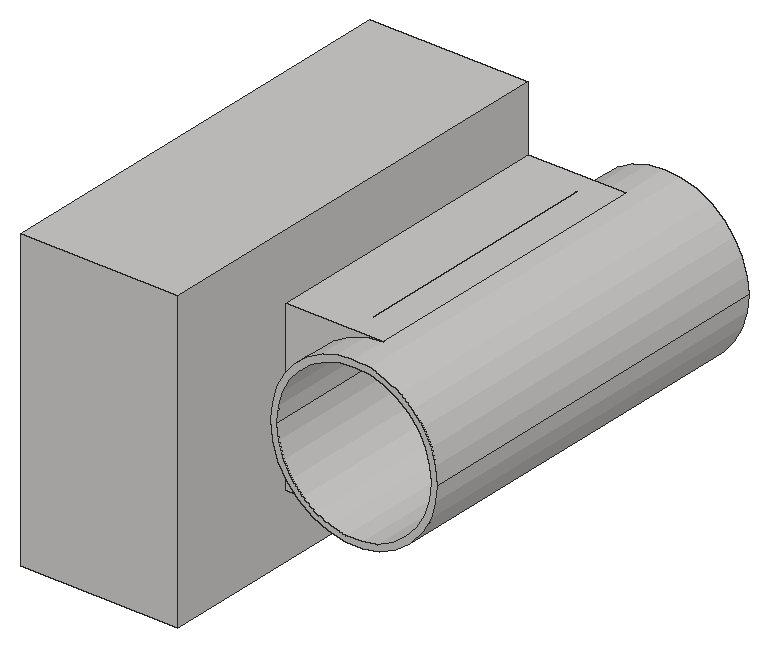
Revit family
Parameters
  Unit Weight = "20.0 lbs"
  URL = "http://www.titus-hvac.com/"
  Static Pressure [instance] = 0.00 in-wg
  Nominal Width = 1' - 2"
  Nominal Length = 1' - 8"
  Nominal Inlet Size = 0' - 7"
  Nominal Inlet Length = 1' - 4"
  Nominal Height = 1' - 0 1/4"
  Model = "DECV"
  Min. Air Flow = 0 CFM
  Max. Air Flow = 650 CFM
  Material = Steel
  Manufacturer = "Titus"
  Inlet Radius = 0' - 3 7/16"
  Inlet Opening Radius = 0' - 3 3/16"
  Inlet Offset = 0' - 2"
  Inlet Extrusion Radius = 0' - 3 7/16"
  Inlet Diameter = 0' - 6 7/8"
  Inlet = Duct D / 2  # 0' - 3 7/16"
  Duct D = 0' - 6 7/8"
  Design Air Flow [instance] = 0 CFM
  Description = "Digital Control Terminal Unit, Retrofit, Variable Volume"
  Control Box Offset = 0' - 4 1/16"
  CADworks URL = "www.CADworks.net"
  Assembly Code = "D3040100"
Reference planes (in)
  plane 1 "Center (Front/Back)": y = 0
  plane 2: z = 0
  plane 3 "Center (Left/Right)": x = 0
  plane 4: x = -4.0625
  plane 5: y = 6
  plane 6: y = 8
  plane 7: y = -8
  plane 8: y = -12
  plane 9: z = 6.125
  plane 10: z = -6.125
  plane 11: x = -10.5625
  plane 12: x = 3.4375
Forms (in)
  Extrusion 1, solid, material "Steel" <- "Material"
    sketch origin (0, 6, 0) x (-1, 0, 0) y (0, 0, -1)
      loop
        line (4.0625, -6.125) -> (10.5625, -6.125) -> (10.5625, 6.125) -> (4.0625, 6.125) -> (4.0625, -6.125)
    from 0 to 18
  Extrusion 2, solid, material "Steel" <- "Material"
    sketch origin (0, 10, 0) x (1, 0, 0) y (0, 0, 1)
      loop
        line (-4.0625, -3.4375) -> (0, -3.4375)
        arc (0, -3.4375) -> (-3.4375, 0) -> (0, 3.4375) r 3.4375
        line (0, 3.4375) -> (-4.0625, 3.4375) -> (-4.0625, -3.4375)
    from 4 to 16.5
  Extrusion 3, solid, material "Steel" <- "Material"
    sketch origin (0, -8.5, 0) x (1, 0, 0) y (0, 0, 1)
      loop
        circle (0, 0) r 3.4375
    from -16.5 to -0.5
  Extrusion 4, void
    sketch origin (0, -8, 0) x (-1, 0, 0) y (0, 0, 1)
      loop
        circle (0, 0) r 3.1875
    from 0 to 24
Cuts and joins
  Extrusion 4 cuts Extrusion 2
  Extrusion 4 cuts Extrusion 3
Dimensions and locks (in)
  locked: Extrusion 1 to Extrusion 1 at 18
  locked: Extrusion 3 sketch curve to level at 0
  locked: Extrusion 3 sketch curve to plane 3 "Center (Left/Right)" at 0
  "Control Box Offset": plane 3 "Center (Left/Right)" to Extrusion 1
  locked: Extrusion 1 sketch curve to Extrusion 1 sketch curve at 6.5
  locked: Extrusion 1 sketch curve to Extrusion 1 sketch curve at 12.25
  equal spacing: Extrusion 1 sketch curve, plane 2, Extrusion 1 sketch curve
  "Inlet Offset": plane 6 to plane 5
  locked: Extrusion 1 to plane 5 at 0
  "Inlet Diameter": Extrusion 2 sketch curve to Extrusion 2 sketch curve
  equal spacing: Extrusion 2 sketch curve, plane 2, Extrusion 2 sketch curve
  "Control Box Offset": plane 4 to plane 3 "Center (Left/Right)"
  "Inlet Offset": plane 6 to cut or joined group of Extrusion 2, Extrusion 4
  locked: cut or joined group of Extrusion 3, Extrusion 4 to plane 6 at 0
  "Nominal Inlet Length": cut or joined group of Extrusion 3, Extrusion 4 to cut or joined group of Extrusion 3, Extrusion 4
  equal spacing: cut or joined group of Extrusion 3, Extrusion 4, plane 1 "Center (Front/Back)", cut or joined group of Extrusion 3, Extrusion 4
  "Nominal Inlet Length": plane 7 to plane 6
  equal spacing: plane 7, plane 1 "Center (Front/Back)", plane 6
  locked: plane 7 to cut or joined group of Extrusion 2, Extrusion 4 at 1.5
  locked: plane 8 to plane 6 at 20
  locked: plane 9 to plane 10 at 12.25
  "Inlet Radius": radius of Extrusion 3 sketch curve
  "Inlet Extrusion Radius": radius of Extrusion 2 sketch curve
  "Inlet Opening Radius": radius of Extrusion 4 sketch curve
  aligned and locked: plane 3 "Center (Left/Right)" to connector elem
  aligned and locked: connector elem to plane 3 "Center (Left/Right)"
  aligned and locked: cut or joined group of Extrusion 2, Extrusion 4 to Extrusion 1  (x2)
  aligned and locked: plane 3 "Center (Left/Right)" to Extrusion 2 sketch curve
  aligned and locked: plane 4 to Extrusion 1
Automatic sketch dimensions
  plane 4 to Extrusion 1 sketch curve = 0' - 0"
  Extrusion 2 sketch curve to plane 4 = 0' - 0"
Connectors (in)
  hvac at (0, -8, 0), driven by "Design Air Flow", driven by "Inlet", driven by "Static Pressure"
    settings: on cut or joined group of Extrusion 3, Extrusion 4, index 1
  hvac at (0, 8, 0), driven by "Static Pressure", driven by "Design Air Flow", driven by "Inlet"
    settings: on cut or joined group of Extrusion 3, Extrusion 4, index 2
